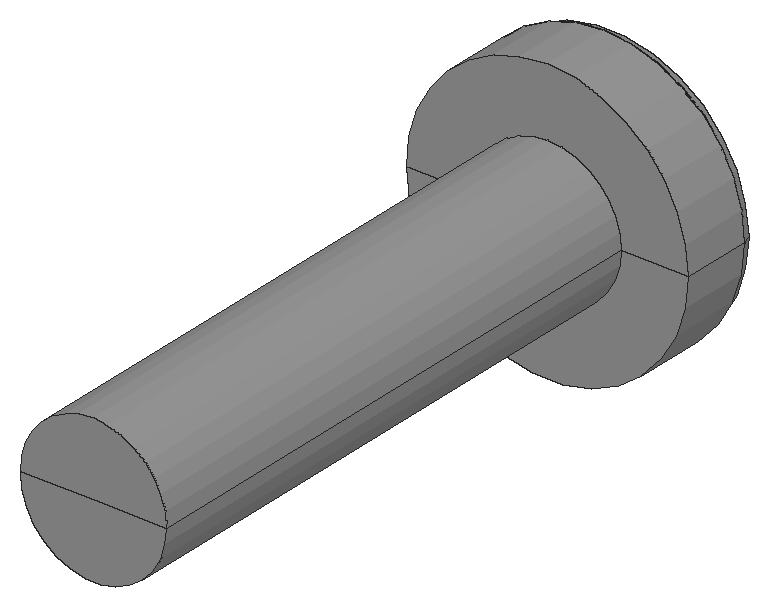
Revit family "Bohrschraube - BS BKS KP", category Generic Models, Revit 2017
Family settings
  Can host rebar = No
  Round Connector Dimension = Use Diameter
  Part Type = Normal
  Work Plane-Based = No
  Always vertical = Yes
  Cut with Voids When Loaded = No
  Shared = No
  Room Calculation Point = No
Parameters (values of type "BS BKS KP")
  URL = "http://www.obo-bettermann.com"
  Material = Electrogalvanised
  Manufacturer Art.No. = "6049250"
  Manufacturer = "OBO BETTERMANN"
  GTIN = ""
  Article Type = "BS BKS KP"
Reference planes
  plane 1 "Center (Front/Back)": y = 0
  plane 2: z = 0
  plane 3 "Center (Left/Right)": x = 0
  plane 4: y = 3.06
Forms (mm)
  Revolve 1, solid, material "Electrogalvanised" <- "Material"
    sketch origin (0, 0, 0) x (1, 0, 0) y (0, 1, 0)
      loop
        line (0, 0) -> (0, -15.925) -> (2.054, -15.925) -> (2.054, 0) -> (0, 0)
      axis (0, 0) -> (0, -15.925)
    angle from 0 to 360
  Revolve 2, solid, material "Electrogalvanised" <- "Material"
    sketch origin (0, 0, 0) x (1, 0, 0) y (0, 1, 0)
      loop
        line (0, 0) -> (3.961, 0) -> (3.961, 1.96) -> (0, 1.96) -> (0, 0)
      axis (0, 1.96) -> (0, 0)
    angle from 0 to 360
  Revolve 3, solid, material "Electrogalvanised" <- "Material"
    sketch origin (0, 0, 0) x (1, 0, 0) y (0, 1, 0)
      loop
        spline (3.961, 1.96) -> (3.927, 2.104) -> (3.826, 2.245) -> (3.659, 2.381) -> (3.43, 2.51) -> (3.142, 2.63) -> (2.801, 2.738) -> (2.411, 2.833) -> (1.98, 2.913) -> (1.516, 2.976) -> (1.025, 3.023) -> (0.517, 3.051) -> (0, 3.06)
        line (0, 3.06) -> (0, 1.96) -> (3.961, 1.96)
      axis (0, 3.06) -> (0, 1.96)
    angle from 0 to 360
Dimensions and locks
  locked: plane 4 to Revolve 2 at 1.1
  aligned and locked: level to plane 2
